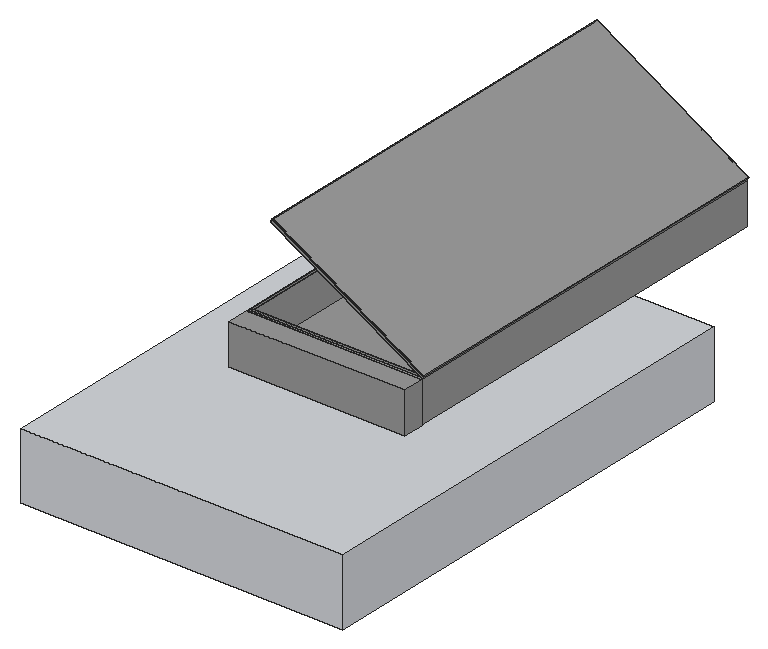
Revit family "Hager-Univers-IP44-D205-H1950-Cl.I-Encl-CH-de", category Equipement électrique, Revit 2020
Family settings
  Hôte = Face
  Configuration du panneau = Deux colonnes, circuits au sein
  Cote de connecteur circulaire = Utiliser le diamètre
  Type d'élément = Tableau de raccordement
  Couper avec des vides une fois chargée = Non
  Partagée = Non
  Point de calcul de pièce = Non
Parameters (values of type "Bodenaufstellung IP44 B800 H1950 T205  - FP23TN2")
  Width Control [instance] = if([EF000008 - Breite] > Min Width, [EF000008 - Breite], Min Width)  # 800 mm
  Commentaires du type = [HG000003 - Bereich]  # "Univers"
  Thickness Door [instance] = if([EF009171 - Materialstärke Tür/Deckel] > 3 mm, 3 mm, [EF009171 - Materialstärke Tür/Deckel])  # 1 mm
  Seal Frame Offset [instance] = 17 mm  # constant formula
  Plinth Visibility [instance] = [HG000027 - Sockelhöhe] > 0 mm  # yes
  Model = ""
  Min Width [instance] = 100 mm  # constant formula
  Min Height [instance] = 100 mm  # constant formula
  Min Depth [instance] = (2 * [EF009170 - Materialstärke Gehäuse]) + 1 mm  # 3 mm
  Internal Frame Depth [instance] = (Door System Depth * 0.5)  # 9 mm
  Height Control [instance] = if([EF000040 - Höhe] > Min Height, [EF000040 - Höhe], Min Height)  # 1950 mm
  HG000027 - Sockelhöhe = 100 mm
  HG000026 - Stehend auf dem Boden = yes
  HG000024 - Höhe des unteren Teils = 800 mm
  HG000023 - Gehäuse mit doppeltem Querschnitt = no
  HG000016 - 3D-Türsichtbarkeit [instance] = yes
  HG000015 - Sichtbarkeit der Türöffnung [instance] = no
  HG000014 - Tür rechts [instance] = yes
  HG000013 - Tür links [instance] = not([HG000014 - Tür rechts])  # no
  HG000012 - Türschwenkwinkel [instance] = 30.00°
  HG000010 - Asymmetrische Türen = no
  HG000009 - Doppelflügeligen Tür = no
  HG000006 - Unterputz = no
  HG000004 - Herstellerreferenz = "FP23TN2"
  HG000003 - Bereich = "Univers"
  HG000002 - Mit tür = yes
  Frame Offset Bottom [instance] = 10 mm  # constant formula
  Frame Offset [instance] = 15 mm  # constant formula
  EF015940 - Deckel mit Überdruckentlastung = no
  EF011959 - Schutzart (NEMA) = ""
  EF009554 - Anzahl der Öffnungen für Flanschplatten = 6
  Fabricant = "Hager"  # constant formula
  EF009212 - Ausführung Deckel = "EV000116 - geschlossen"
  EF009171 - Materialstärke Tür/Deckel = 1 mm
  EF009170 - Materialstärke Gehäuse = 1 mm
  EF008873 - Nennstrom (In) = 400 A
  EF007800 - Geeignet für Blitzschutz = no
  EF006306 - Mit Schloss = no
  EF006244 - Transparenter Deckel/Tür = no
  EF005474 - Schutzart (IP) = "EV006418 - IP44"
  EF004464 - Art der Tür = "EV002646 - Einzel"
  EF004427 - Anzahl der Module = 432
  EF004293 - Schlagfestigkeit = "EV006815 - IK09"
  EF003532 - Geeignet für Außengebrauch = no
  EF002950 - Breite in Teilungseinheiten = 36
  EF001613 - Funktionserhalt = "EV000494 - ohne"
  EF001596 - Werkstoff des Gehäuses = "EV000179 - Stahl"
  EF001131 - Innentiefe = 205 mm
  EF001088 - Anbaumöglichkeit = yes
  EF000437 - Anzahl der Leitungseinführungen = 6
  EF000339 - Art der Abdeckung = "EV001012 - Deckel"
  EF000266 - Anzahl der Reihen = 12
  EF000218 - Einbautiefe = 0 mm
  EF000118 - Mit Montageplatte = no
  EF000116 - RAL-Nummer = "9010"
  EF000049 - Tiefe = 205 mm
  EF000040 - Höhe = 1950 mm
  EF000008 - Breite = 800 mm
  EF000007 - Farbe = "EV000202 - weiß"
  EF000003 - Montageart = "EV012274 - Bodenaufstellung"
  Door System Leaf Tolerance [instance] = 1.5 mm  # constant formula
  Door System Depth [instance] = 18 mm  # constant formula
  Door Height [instance] = Height Control - [HG000027 - Sockelhöhe]  # 1850 mm
  Depth Control [instance] = if([EF000049 - Tiefe] > Min Depth, [EF000049 - Tiefe], Min Depth)  # 205 mm
  Default Elevation = 0 mm
  Connector Offset [instance] = Height Control / 2  # 975 mm
  Bottom Top Plate Trim [instance] = 1.5 mm  # constant formula
  Plinth height Ctrl [instance] = if([HG000027 - Sockelhöhe] > 0 mm, [HG000027 - Sockelhöhe], 12 mm)  # 100 mm
Types (5, lengths in mm): name | Width Control | HG000010 - Asymmetrische Türen | HG000009 - Doppelflügeligen Tür | HG000004 - Herstellerreferenz | EF009554 - Anzahl der Öffnungen für Flanschplatten | EF008873 - Nennstrom (In) | EF004464 - Art der Tür | EF004427 - Anzahl der Module | EF002950 - Breite in Teilungseinheiten | EF000437 - Anzahl der Leitungseinführungen | EF000008 - Breite
  Bodenaufstellung IP44 B1050 H1950 T205  - FP24TN2 | 1050 | no | yes | "FP24TN2" | 8 | 400 A | "EV003602 - Doppel" | 576 | 48 | 8 | 1050
  Bodenaufstellung IP44 B1300 H1950 T205  - FP25TN2 | 1300 | yes | yes | "FP25TN2" | 10 | 400 A | "EV003602 - Doppel" | 720 | 60 | 10 | 1300
  Bodenaufstellung IP44 B300 H1950 T205  - FP21TN2 | 300 | no | no | "FP21TN2" | 2 | 250 A | "EV002646 - Einzel" | 144 | 12 | 2 | 300
  Bodenaufstellung IP44 B550 H1950 T205  - FP22TN2 | 550 | no | no | "FP22TN2" | 4 | 400 A | "EV002646 - Einzel" | 288 | 24 | 4 | 550
  Bodenaufstellung IP44 B800 H1950 T205  - FP23TN2 | 800 | no | no | "FP23TN2" | 6 | 400 A | "EV002646 - Einzel" | 432 | 36 | 6 | 800
Reference planes
  plane 1 "Center (Front/Back)": y = 0
  plane 2: z = 0
  plane 3 "Center (Left/Right)": x = 0
  plane 4: z = 205
  plane 5: y = 101
  plane 6: y = 1025
  plane 7: y = 100
  plane 8: y = 1950
  plane 9: z = 0
  plane 10: x = -385
  plane 11: x = 385
  plane 12: x = 384
  plane 13: x = -384
  plane 14: y = 1949
  plane 15: x = -383
  plane 16: x = -400
  plane 17: x = 383
  plane 18: x = 400
  plane 19: x = 399
  plane 20: x = -399
  plane 21: y = 111
  plane 22: y = 1950
  plane 23: y = 1934
  plane 24: z = 187
  plane 25: z = 1
  plane 26: z = 186
  plane 27: z = 204
Forms (mm)
  Extrusion 1, solid
    sketch origin (0, 0, 0) x (1, 0, 0) y (0, 1, 0)
      loop
        line (-702.964, 1305) -> (-702.964, -811.445) -> (766.763, -811.445) -> (766.763, 1305) -> (-702.964, 1305)
    from 0 to -304.8
  Extrusion 2, solid, material "Hager_Steel_RAL7035_Light_Grey", visible <- "Plinth Visibility", detail levels medium+fine
    sketch origin (0, 0, 0) x (1, 0, 0) y (0, 1, 0)
      loop
        line (-400, 0) -> (400, 0) -> (400, 100) -> (-400, 100) -> (-400, 0)
    from 0 to 187
  Extrusion 3, solid, material "Hager_Steel_RAL7035_Light_Grey", detail levels medium+fine
    sketch origin (0, 0, 0) x (1, 0, 0) y (0, 1, 0)
      loop
        line (-400, 100) -> (400, 100) -> (400, 1950) -> (-400, 1950) -> (-400, 100)
    from 0 to 187
  Extrusion 4, void
    sketch origin (0, 0, 0) x (1, 0, 0) y (0, 1, 0)
      loop
        line (-399, 101) -> (399, 101) -> (399, 1949) -> (-399, 1949) -> (-399, 101)
    from 1 to 186
  Extrusion 5, void
    sketch origin (-381.607, -4572, 187) x (0, -1, 0) y (-1, 0, 0)
      loop
        line (-4683, 2.393) -> (-6506, 2.393) -> (-6506, -765.607) -> (-4683, -765.607) -> (-4683, 2.393)
    from 0 to 1 <- "EF009170 - Materialstärke Gehäuse"
  Extrusion 6, solid, material "Hager_Steel_RAL7035_Light_Grey", detail levels fine
    sketch origin (0, 0, 187) x (1, 0, 0) y (0, 1, 0)
      loop
        line (-384, 1934) -> (-384, 111) -> (384, 111) -> (384, 1934) -> (-384, 1934)
      loop
        line (-385, 110) -> (385, 110) -> (385, 1935) -> (-385, 1935) -> (-385, 110)
    from 0 to 9 <- "Internal Frame Depth"
  Extrusion 7, solid, material "Hager_Steel_RAL7035_Light_Grey", detail levels coarse
    sketch origin (0, 0, 0) x (1, 0, 0) y (0, 1, 0)
      loop
        line (-400, 0) -> (400, 0) -> (400, 1950) -> (-400, 1950) -> (-400, 0)
    from 0 to 205
  Sweep 8, void
    path in 3D
      loop
        line (-400, 100, 0) -> (400, 100, 0) -> (400, 100, 187) -> (-400, 100, 187) -> (-400, 100, 0)
    profile origin (-400, 100, 93.5) x (-1, 0, 0) y (0, -1, 0)
      loop
        line (0, 0) -> (0, 1.5) -> (-1.5, 1.5)
        arc (-1.5, 1.5) -> (-1.061, 0.439) -> (0, 0) r 1.5
Cuts and joins
  Extrusion 4, Extrusion 5 cuts Extrusion 3
  Sweep 8 cuts Extrusion 2
Lines and regions (mm)
  Masking region 1
    outline origin (0, 0, 0) x (1, 0, 0) y (0, 0, 1)
      loop
        line (-400, 205) -> (-400, 0) -> (400, 0) -> (400, 205) -> (-400, 205)
  Masking region 2, detail levels medium+fine
    outline origin (0, 140, 0) x (0, 1, 0) y (0, 0, 1)
      loop
        line (-40, 0) -> (1810, 0) -> (1810, 187) -> (-40, 187) -> (-40, 0)
  Masking region 3, not visible, detail levels medium+fine
    outline origin (0, 297.922, 0) x (0, 1, 0) y (0, 0, 1)
      loop
        line (738.578, 0) -> (778.578, 0) -> (778.578, 194)
        arc (778.578, 194) -> (775.649, 201.071) -> (768.578, 204) r 10
        line (768.578, 204) -> (738.578, 204) -> (738.578, 0)
  Masking region 4, detail levels coarse
    outline origin (0, 0, 180) x (0, 1, 0) y (0, 0, 1)
      loop
        line (0, -180) -> (1950, -180) -> (1950, 25) -> (0, 25) -> (0, -180)
  Masking region 5, visible <- "Plinth Visibility", detail levels medium+fine
    outline origin (0, 52.24, 12.345) x (0, 0, -1) y (0, 1, 0)
      loop
        line (10.845, 47.76) -> (-173.155, 47.76)
        arc (-173.155, 47.76) -> (-173.594, 46.699) -> (-174.655, 46.26) r 1.5
        line (-174.655, 46.26) -> (-174.655, -52.24) -> (12.345, -52.24) -> (12.345, 46.26)
        arc (12.345, 46.26) -> (11.285, 46.699) -> (10.845, 47.76) r 1.5
  Masking region 6, detail levels medium+fine
    outline origin (-381.607, -4572, 187) x (-1, 0, 0) y (0, -1, 0)
      loop
        line (18.393, -6522) -> (18.393, -4672) -> (-781.607, -4672) -> (-781.607, -6522) -> (18.393, -6522)
  Masking region 7, visible <- "Plinth Visibility", detail levels medium+fine
    outline origin (-381.607, -4727, 187) x (-1, 0, 0) y (0, -1, 0)
      loop
        arc (16.893, -4827) -> (17.332, -4825.939) -> (18.393, -4825.5) r 1.5
        line (18.393, -4825.5) -> (18.393, -4727) -> (-781.607, -4727) -> (-781.607, -4825.5)
        arc (-781.607, -4825.5) -> (-780.546, -4825.939) -> (-780.107, -4827) r 1.5
        line (-780.107, -4827) -> (16.893, -4827)
  Masking region 8, detail levels coarse
    outline origin (-442.548, -4669.526, 187) x (-1, 0, 0) y (0, -1, 0)
      loop
        line (-42.548, -6619.526) -> (-42.548, -4669.526) -> (-842.548, -4669.526) -> (-842.548, -6619.526) -> (-42.548, -6619.526)
  sketch lines
    curve 1: line (-400, 100, 187) -> (-400, 100, 0)
    curve 2: line (400, 100, 187) -> (-400, 100, 187)
    curve 3: line (400, 100, 187) -> (400, 100, 0)
    curve 4: line (-400, 100, 0) -> (400, 100, 0)
Dimensions and locks
  "Depth Control": plane 4 to Extrusion 1
  "HG000027 - Sockelhöhe": plane 1 "Center (Front/Back)" to plane 7
  "EF009170 - Materialstärke Gehäuse": plane 5 to plane 7
  locked: connector elem to plane 3 "Center (Left/Right)"
  equal spacing: plane 8, plane 6, plane 7
  locked: connector elem to plane 6
  "EF009170 - Materialstärke Gehäuse": plane 8 to plane 14
  "EF009170 - Materialstärke Gehäuse": plane 10 to plane 13
  "EF009170 - Materialstärke Gehäuse": plane 12 to plane 11
  "Frame Offset": plane 20 to plane 13
  "Frame Offset": plane 12 to plane 19
  "EF009170 - Materialstärke Gehäuse": plane 16 to plane 20
  "EF009170 - Materialstärke Gehäuse": plane 19 to plane 18
  "Seal Frame Offset": plane 16 to plane 15
  "Seal Frame Offset": plane 17 to plane 18
  "Frame Offset Bottom": plane 21 to plane 5
  "Frame Offset": plane 14 to plane 23
  equal spacing: plane 16, plane 3 "Center (Left/Right)", plane 18
  "Width Control": plane 16 to plane 18
  "EF009170 - Materialstärke Gehäuse": plane 4 to plane 27
  "EF009170 - Materialstärke Gehäuse": plane 24 to plane 26
  "EF009170 - Materialstärke Gehäuse": plane 25 to level
  "Door System Depth": plane 4 to plane 24
  "Height Control": plane 1 "Center (Front/Back)" to Extrusion 7 sketch curve
  "Height Control": Masking region 4 sketch curve to plane 1 "Center (Front/Back)"
  "Height Control": plane 1 "Center (Front/Back)" to plane 22
  "Bottom Top Plate Trim": profile plane to Sweep 8 sketch curve
  "Bottom Top Plate Trim": Sweep 8 sketch curve to profile plane
  "Plinth height Ctrl": plane 1 "Center (Front/Back)" to Extrusion 2 sketch curve
  "Plinth height Ctrl": Masking region 5 sketch curve to plane 1 "Center (Front/Back)"
  "Plinth height Ctrl": plane 1 "Center (Front/Back)" to Masking region 7 sketch curve
  "Thickness Door": Extrusion 6 sketch curve to Extrusion 6 sketch curve  (x3)
  "Thickness Door": cut or joined group of Extrusion 3, Extrusion 4, Extrusion 5 to Extrusion 6 sketch curve
  radius of Masking region 3 sketch curve = 10 mm
  "Bottom Top Plate Trim": radius of Masking region 5 sketch curve  (x2)
  "Bottom Top Plate Trim": radius of Sweep 8 sketch curve
  "Bottom Top Plate Trim": radius of Masking region 7 sketch curve  (x2)
  aligned and locked: plane 2 to Extrusion 1
  aligned and locked: level to Extrusion 1
  aligned and locked: level to Masking region 1 sketch curve
  aligned and locked: Masking region 1 sketch curve to plane 18
  aligned and locked: Masking region 1 sketch curve to plane 16
  aligned and locked: plane 7 to Masking region 2 sketch curve
  aligned and locked: level to Masking region 3 sketch curve
  aligned and locked: Masking region 3 sketch curve to plane 27
  aligned and locked: level to Masking region 2 sketch curve
  aligned and locked: plane 1 "Center (Front/Back)" to Extrusion 2 sketch curve
  aligned and locked: Extrusion 3 sketch curve to plane 7
  aligned and locked: plane 16 to Extrusion 3 sketch curve
  aligned and locked: plane 18 to Extrusion 3 sketch curve
  aligned and locked: plane 20 to Extrusion 4 sketch curve
  aligned and locked: plane 19 to Extrusion 4 sketch curve
  aligned and locked: Extrusion 4 sketch curve to plane 5
  aligned and locked: Extrusion 4 to plane 25
  aligned and locked: plane 26 to Extrusion 4
  aligned and locked: plane 24 to Extrusion 3
  aligned and locked: Extrusion 5 sketch curve to plane 21
  aligned and locked: Extrusion 5 sketch curve to plane 13
  aligned and locked: Extrusion 5 sketch curve to plane 12
  aligned and locked: plane 18 to Extrusion 7 sketch curve
  aligned and locked: plane 1 "Center (Front/Back)" to Extrusion 7 sketch curve
  aligned and locked: plane 16 to Extrusion 7 sketch curve
  aligned and locked: plane 4 to Extrusion 7
  aligned and locked: Extrusion 7 to level
  aligned and locked: level to Masking region 4 sketch curve
  aligned and locked: Masking region 4 sketch curve to plane 1 "Center (Front/Back)"
  aligned and locked: Masking region 4 sketch curve to plane 4
  aligned and locked: nested 1 to level
  aligned and locked: nested 1 to plane 16
  aligned and locked: plane 8 to Extrusion 3 sketch curve
  aligned and locked: plane 23 to Extrusion 5 sketch curve
  aligned and locked: plane 14 to Extrusion 4 sketch curve
  aligned and locked: Masking region 2 sketch curve to plane 8
  aligned and locked: level to Masking region 5 sketch curve
  aligned and locked: plane 16 to Extrusion 2 sketch curve
  aligned and locked: plane 18 to Extrusion 2 sketch curve
  aligned and locked: Masking region 5 sketch curve to plane 24
  aligned and locked: Masking region 2 sketch curve to plane 24
  aligned and locked: plane 24 to Extrusion 2
  aligned and locked: profile plane to Sweep 8 sketch curve  (x2)
  aligned and locked: Masking region 6 sketch curve to plane 18
  aligned and locked: Masking region 6 sketch curve to plane 22
  aligned and locked: Masking region 6 sketch curve to plane 16
  aligned and locked: plane 8 to plane 22
  aligned and locked: Masking region 6 sketch curve to plane 7
  aligned and locked: Masking region 7 sketch curve to plane 16
  aligned and locked: Masking region 7 sketch curve to plane 1 "Center (Front/Back)"
  aligned and locked: Masking region 7 sketch curve to plane 18
  aligned and locked: Masking region 8 sketch curve to plane 1 "Center (Front/Back)"
  aligned and locked: Masking region 8 sketch curve to plane 18
  aligned and locked: Masking region 8 sketch curve to plane 22
  aligned and locked: Masking region 8 sketch curve to plane 16
  aligned and locked: nested 2 to plane 7
  aligned and locked: plane 3 "Center (Left/Right)" to nested 2
  aligned and locked: nested 2 to plane 24
  aligned and locked: Extrusion 6 sketch curve to cut or joined group of Extrusion 3, Extrusion 4, Extrusion 5  (x4)
Automatic sketch dimensions
  Extrusion 1 sketch curve to Extrusion 1 sketch curve = 1469.727 mm
  Extrusion 1 sketch curve to Extrusion 1 sketch curve = 2116.445 mm
  Masking region 1 sketch curve to plane 4 = 0 mm
  plane 6 to Masking region 3 sketch curve = 11.5 mm
  Masking region 3 sketch curve to Masking region 3 sketch curve = 30 mm
  Masking region 5 sketch curve to plane 1 "Center (Front/Back)" = 0 mm
Nested families
  nested 1: "Hager_Enclosure_Symbol" at (-400, 0, 0) x (1, 0, 0) z (0, -1, 0), Height <- "Depth Control", Width <- "Width Control", type "Hager_Enclosure_Symbol"
    with Width_Ctrl 800 mm, Width 800 mm, Height_Ctrl 205 mm, Height 205 mm, A_Width_Int 13.453 mm, A_Width 161.438 mm, A_Height_Ctrl 179.375 mm, A_Height 179.375 mm
  nested 2: "EC000058_Univers_Door" at (0, 100, 187) x (1, 0, 0) z (0, 1, 0), Leaf_Tolerance <- "Door System Leaf Tolerance", Angle <- "HG000012 - Türschwenkwinkel", Door_Depth <- "Door System Depth", Door_Left <- "HG000013 - Tür links", Transparent <- "EF006244 - Transparenter Deckel/Tür", Assymetrical <- "HG000010 - Asymmetrische Türen", Width <- "Width Control", Clearance <- "HG000015 - Sichtbarkeit der Türöffnung", Double <- "HG000009 - Doppelflügeligen Tür", 3d_Door <- "HG000016 - 3D-Türsichtbarkeit", Lock_Visibility <- "EF006306 - Mit Schloss", Width_Ctrl <- "Width Control", Door_Right <- "HG000014 - Tür rechts", Door <- "HG000002 - Mit tür", Height <- "Door Height", Thickness <- "Thickness Door", type "EC000058_Univers_Door", detail levels medium+fine
    with min_wh 3 mm, Width_Ctrl 800 mm, Width 800 mm, Transparent no, Thickness 1 mm, Seal_Material Hager_Rubber, Lock_Visibility no, Lock_Material Hager_Plastic_RAL9005_Jet_Black, Leaf_Width 800 mm, Leaf_Tolerance_External_Sides 0 mm, Leaf_Tolerance 1.5 mm, Leaf_Offset 0 mm, Leaf_Height 1847 mm, Leaf_2_Width 800 mm, Leaf_2_Offset 400 mm, Leaf_1_Width 800 mm, Leaf_1_Offset 400 mm, Height_Ctrl 1850 mm, Height 1850 mm, Glass_Material Hager_Glass, Double_Clearance_Ctrl no, Double no, Door_Right_Ctrl yes, Door_Right yes, Door_Material Hager_Steel_RAL7035_Light_Grey, Door_Left_Ctrl no, Door_Left no, Door_Depth 18 mm, Door yes, Clearance_Material Hager_Clearance, Clearance_Depth 800 mm, Clearance_Ctrl no, Clearance no, Assymetrical no, Angle 30.00°, 3d_Door yes
Connectors
  electrical at (0, 1025, 0)
    settings: on plane 9, index 1, voltage 0 V, apparent load 0 VA, apparent load phase1 0 VA, apparent load phase2 0 VA, apparent load phase3 0 VA, power factor 1, load classification "Other", number of poles 1, system type 30, power factor state 1, is connector primary yes, connector utility no, sub classification motor no, connector description ""
Definition of nested family "EC000058_Univers_Door"
  Parameters (values of type "EC000058_Univers_Door")
    min_wh [instance] = (2 * Thickness) + 1 mm  # 11 mm
    Width_Ctrl [instance] = 400 mm
    Width [instance] = 500 mm
    Transparent [instance] = yes
    Thickness [instance] = 5 mm
    Seal_Material [instance] = none
    Lock_Visibility [instance] = yes
    Lock_Material [instance] = none
    Leaf_Width [instance] = if((Width_Ctrl - 2 * Leaf_Tolerance_External_Sides) > 0 mm, (Width_Ctrl - 2 * Leaf_Tolerance_External_Sides), min_wh)  # 400 mm
    Leaf_Tolerance_External_Sides [instance] = 0 mm  # constant formula
    Leaf_Tolerance [instance] = 1.5 mm
    Leaf_Offset [instance] = 0 mm  # constant formula
    Leaf_Height [instance] = if((Height_Ctrl - 2 * Leaf_Tolerance) > 0 mm, (Height_Ctrl - 2 * Leaf_Tolerance), min_wh)  # 497 mm
    Leaf_2_Width [instance] = if(and(and(Double, Assymetrical), Door_Left), (Leaf_Width / 3) - (Leaf_Tolerance / 2), if(and(and(Double, Assymetrical), Door_Right), (Leaf_Width / 3) * 2 - (Leaf_Tolerance / 2), if(and(Double, not(Assymetrical)), (Leaf_Width / 2) - Leaf_Tolerance, Leaf_Width)))  # 400 mm
    Leaf_2_Offset [instance] = if(and(Double, Assymetrical), Leaf_2_Width / 2, if(and(Double, not(Assymetrical)), Leaf_Width / 4, Leaf_Width / 2))  # 200 mm
    Leaf_1_Width [instance] = if(and(and(Double, Assymetrical), Door_Right), (Leaf_Width / 3) - (Leaf_Tolerance / 2), if(and(and(Double, Assymetrical), Door_Left), (Width / 3) * 2 - (Leaf_Tolerance / 2), if(and(Double, not(Assymetrical)), (Leaf_Width / 2) - Leaf_Tolerance, Leaf_Width)))  # 400 mm
    Leaf_1_Offset [instance] = if(and(Double, Assymetrical), Leaf_1_Width / 2, if(and(Double, not(Assymetrical)), Leaf_Width / 4, Leaf_Width / 2))  # 200 mm
    Height_Ctrl [instance] = if(Height > min_wh, Height, min_wh)  # 500 mm
    Height [instance] = 500 mm
    Glass_Material [instance] = none
    Double_Clearance_Ctrl [instance] = and(Double, Clearance)  # no
    Double [instance] = no
    Door_Right_Ctrl [instance] = and(or(Door_Right, Double), Door)  # yes
    Door_Right [instance] = yes
    Door_Material [instance] = none
    Door_Left_Ctrl [instance] = and(or(Door_Left, Double), Door)  # no
    Door_Left [instance] = no
    Door_Depth [instance] = 30 mm
    Door [instance] = yes
    Default Elevation = 1219.2 mm
    Clearance_Material [instance] = none
    Clearance_Depth [instance] = if(Leaf_1_Width > Leaf_2_Width, Leaf_1_Width, Leaf_2_Width)  # 400 mm
    Clearance_Ctrl [instance] = and(not(Double), Clearance)  # yes
    Clearance [instance] = yes
    Assymetrical [instance] = yes
    Angle [instance] = 30.00°
    3d_Door [instance] = yes
  Reference planes
    plane 1 "Center (Front/Back)": y = 0
    plane 2 "Bottom": z = 0
    plane 3 "Center (Left/Right)": x = 0
    plane 4: z = 500
    plane 5: x = -200
    plane 6: x = 200
    plane 7: z = 500
    plane 8: x = -200
    plane 9: z = 0
    plane 10: x = 200
    plane 11: y = 0
    plane 12: z = 1.5
    plane 13: x = -600
    plane 14: y = -400
    plane 15: x = 600
    plane 16: x = 0
    plane 17: x = 0
    plane 18: x = -200
    plane 19: x = 200
    plane 20: z = 498.5
  Forms (mm)
    Extrusion 1, solid, material <- "Clearance_Material", visible <- "Double_Clearance_Ctrl"
      sketch origin (1200, 0, 0) x (1, 0, 0) y (0, 0, -1)
        loop
          line (-1800, -498.5) -> (-600, -498.5) -> (-600, 0) -> (-1800, 0) -> (-1800, -498.5)
      from 0 to -400
  Dimensions and locks
    equal spacing: plane 5, plane 3 "Center (Left/Right)", plane 6
    "Width_Ctrl": plane 5 to plane 6
    "Leaf_Offset": plane 5 to plane 8
    "Leaf_Offset": plane 6 to plane 10
    "Leaf_Offset": plane 9 to level
    "Leaf_Offset": plane 4 to plane 7
    "Height_Ctrl": plane 4 to level
    "Leaf_Tolerance": plane 12 to plane 9
    locked: plane 11 to plane 1 "Center (Front/Back)"
    "Leaf_1_Offset": plane 18 to plane 16
    "Leaf_2_Offset": plane 17 to plane 19
    "Leaf_1_Width": plane 13 to plane 8
    "Leaf_2_Width": plane 10 to plane 15
    "Clearance_Depth": plane 14 to plane 1 "Center (Front/Back)"
    "Leaf_Tolerance_External_Sides": plane 8 to plane 18
    "Leaf_Tolerance_External_Sides": plane 19 to plane 10
    "Leaf_Tolerance": plane 7 to plane 20
    aligned and locked: level to plane 2 "Bottom"
    aligned and locked: nested 1 to plane 16
    aligned and locked: nested 2 to plane 17
    aligned and locked: Extrusion 1 to plane 13
    aligned and locked: plane 15 to Extrusion 1
    aligned and locked: Extrusion 1 to plane 14
    aligned and locked: plane 12 to nested 1
    aligned and locked: nested 2 to plane 12
    aligned and locked: Extrusion 1 to plane 11
    aligned and locked: plane 20 to Extrusion 1
    aligned and locked: nested 2 to plane 11
    aligned and locked: nested 1 to plane 11
  Automatic sketch dimensions
    Extrusion 1 sketch curve to level = 0 mm
    plane 5 to Extrusion 1 sketch curve = 400 mm
    plane 6 to Extrusion 1 sketch curve = 400 mm
    Extrusion 1 sketch curve to plane 4 = 1.5 mm
  Nested families
    nested 1: "EC000058_Univers_Door_Leaf" at (0, 0, 1.5), Width <- "Leaf_1_Width", visible <- "Door_Left_Ctrl", Leaf_Height <- "Leaf_Height", Angle <- "Angle", 3d_Door <- "3d_Door", Transparent <- "Transparent", Clearance Material <- "Clearance_Material", Clearance <- "Clearance_Ctrl", Door_Material <- "Door_Material", Glass_Material <- "Glass_Material", Door_Depth <- "Door_Depth", Lock_Material <- "Lock_Material", Seal_Material <- "Seal_Material", Lock_Visibility <- "Lock_Visibility", Thickness <- "Thickness", type "EC000058_Univers_Door_Leaf"
      with Width 400 mm, Transparent_Glass_Offset 30 mm, Transparent_Ctrl yes, Transparent yes, Thickness 5 mm, Standard no, Seal_Material none, Seal_D2 8 mm, Seal_D1 1 mm, Offset_Internal_Frame 10 mm, Lock_Width 20 mm, Lock_Visibility_3d yes, Lock_Visibility yes, Lock_Thickness_3 3 mm, Lock_Thickness_2 1 mm, Lock_Thickness_1 3 mm, Lock_Radius_Offset_2 16 mm, Lock_Radius_Offset_1 15 mm, Lock_Radius_2 5 mm, Lock_Radius 6 mm, Lock_Offset 5 mm, Lock_Material none, Lock_Height 80 mm, Lock_Cover_Top_Offset_2d 17 mm, Lock_Cover_Height -65 mm, Leaf_Height 497 mm, Internal_Seal_Thickness 8 mm, Internal_Seal_Depth_2 4.5 mm, Internal_Frame_Depth 25 mm, Glass_Thickness -1 mm, Glass_Offset -2 mm, Glass_Material none, Door_Material none, Door_Depth 30 mm, Clearance Material none, Clearance yes, Angle_Ctrl 30.00°, Angle 30.00°, 3d_Door yes
    nested 2: "EC000058_Univers_Door_Leaf" at (0, 0, 1.5) x (-1, 0, 0) z (0, 0, 1), Width <- "Leaf_2_Width", visible <- "Door_Right_Ctrl", Leaf_Height <- "Leaf_Height", Angle <- "Angle", 3d_Door <- "3d_Door", Transparent <- "Transparent", Clearance Material <- "Clearance_Material", Clearance <- "Clearance_Ctrl", Door_Material <- "Door_Material", Glass_Material <- "Glass_Material", Door_Depth <- "Door_Depth", Lock_Material <- "Lock_Material", Seal_Material <- "Seal_Material", Lock_Visibility <- "Lock_Visibility", Thickness <- "Thickness", type "EC000058_Univers_Door_Leaf"
      with Width 400 mm, Transparent_Glass_Offset 30 mm, Transparent_Ctrl yes, Transparent yes, Thickness 5 mm, Standard no, Seal_Material none, Seal_D2 8 mm, Seal_D1 1 mm, Offset_Internal_Frame 10 mm, Lock_Width 20 mm, Lock_Visibility_3d yes, Lock_Visibility yes, Lock_Thickness_3 3 mm, Lock_Thickness_2 1 mm, Lock_Thickness_1 3 mm, Lock_Radius_Offset_2 16 mm, Lock_Radius_Offset_1 15 mm, Lock_Radius_2 5 mm, Lock_Radius 6 mm, Lock_Offset 5 mm, Lock_Material none, Lock_Height 80 mm, Lock_Cover_Top_Offset_2d 17 mm, Lock_Cover_Height -65 mm, Leaf_Height 497 mm, Internal_Seal_Thickness 8 mm, Internal_Seal_Depth_2 4.5 mm, Internal_Frame_Depth 25 mm, Glass_Thickness -1 mm, Glass_Offset -2 mm, Glass_Material none, Door_Material none, Door_Depth 30 mm, Clearance Material none, Clearance yes, Angle_Ctrl 30.00°, Angle 30.00°, 3d_Door yes
  Definition of nested family "EC000058_Univers_Door_Leaf"
    Parameters (values of type "EC000058_Univers_Door_Leaf")
      Width [instance] = 2000 mm
      Transparent_Glass_Offset [instance] = 30 mm
      Transparent_Ctrl [instance] = and(Transparent, [3d_Door])  # yes
      Transparent [instance] = yes
      Thickness [instance] = 5 mm
      Standard [instance] = and(not(Transparent), [3d_Door])  # no
      Seal_Material [instance] = none
      Seal_D2 [instance] = 8 mm  # constant formula
      Seal_D1 [instance] = 1 mm  # constant formula
      Offset_Internal_Frame [instance] = 10 mm  # constant formula
      Lock_Width [instance] = 20 mm  # constant formula
      Lock_Visibility_3d [instance] = and(Lock_Visibility, [3d_Door])  # yes
      Lock_Visibility [instance] = yes
      Lock_Thickness_3 [instance] = 3 mm  # constant formula
      Lock_Thickness_2 [instance] = 1 mm  # constant formula
      Lock_Thickness_1 [instance] = 3 mm  # constant formula
      Lock_Radius_Offset_2 [instance] = Lock_Radius_Offset_1 + 1 mm  # 16 mm
      Lock_Radius_Offset_1 [instance] = 15 mm  # constant formula
      Lock_Radius_2 [instance] = Lock_Radius - 1 mm  # 5 mm
      Lock_Radius [instance] = 6 mm  # constant formula
      Lock_Offset [instance] = 5 mm  # constant formula
      Lock_Material [instance] = none
      Lock_Height [instance] = 80 mm  # constant formula
      Lock_Cover_Top_Offset_2d [instance] = Lock_Radius_Offset_2 + 1 mm  # 17 mm
      Lock_Cover_Height [instance] = -(Lock_Height - Lock_Radius_Offset_1)  # -65 mm
      Leaf_Height [instance] = 2720.336 mm
      Internal_Seal_Thickness [instance] = 8 mm  # constant formula
      Internal_Seal_Depth_2 [instance] = 4.5 mm  # constant formula
      Internal_Frame_Depth [instance] = if(Door_Depth - Thickness > 5 mm, Door_Depth - Thickness, 5 mm)  # 25 mm
      Glass_Thickness [instance] = if(Thickness > 15 mm, Glass_Offset + 10 mm, -1 mm)  # -1 mm
      Glass_Offset [instance] = if(Thickness > 15 mm, -(Thickness + 10 mm) / 2, -2 mm)  # -2 mm
      Glass_Material [instance] = none
      Door_Material [instance] = none
      Door_Depth [instance] = 30 mm
      Default Elevation = 0 mm
      Clearance Material [instance] = none
      Clearance [instance] = yes
      Angle_Ctrl [instance] = if(Angle > 180.00°, 180.00°, Angle)  # 90.00°
      Angle [instance] = 90.00°
      3d_Door [instance] = yes
    Reference planes
      plane 1 "Center (Front/Back)": y = 0
      plane 2: z = 0
      plane 3 "Center (Left/Right)": x = 0
      plane 4: y = 2000
      plane 5: x = -1000
      plane 6: x = 1000
      plane 7: x = -3000
      plane 8: z = 2720.336
      plane 9: z = 30
      plane 10: z = 2690.336
      plane 11: x = 970
      plane 12: x = -970
      plane 13: y = -3
      plane 14: z = 107.833
      plane 15: y = -5
      plane 16: y = -223.314
      plane 17: x = -1000
      plane 18: z = 1360.168
      plane 19: y = 30
    Forms (mm)
      Extrusion 1, solid, material <- "Clearance Material", visible <- "Clearance"
        sketch origin (0, 0, 0) x (1, 0, 0) y (0, 0, 1)
          loop
            line (-3000, 2720.336) -> (-3000, 0) -> (1000, 0) -> (1000, 2720.336) -> (-3000, 2720.336)
        from 0 to -2000
      Extrusion 2, solid, material <- "Door_Material", visible <- "Standard", detail levels medium+fine
        sketch origin (-1000, 0, 0) x (0, 1, 0) y (-1, 0, 0)
          loop
            line (0, 30) -> (0, 25) -> (2000, 25) -> (2000, 30) -> (0, 30)
        from 0 to 2720.336 <- "Leaf_Height"
      Extrusion 3, solid, material <- "Door_Material", visible <- "Transparent_Ctrl", detail levels medium+fine
        sketch origin (-1000, 0, 0) x (0, 1, 0) y (-1, 0, 0)
          loop
            line (0, 25) -> (2000, 25) -> (2000, 30) -> (0, 30) -> (0, 25)
        from 0 to 2720.336 <- "Leaf_Height"
      Extrusion 4, void
        sketch origin (-1025, 2000, 0) x (0, 1, 0) y (0, 0, -1)
          loop
            line (-30, -2690.336) -> (-30, -30) -> (-1970, -30) -> (-1970, -2690.336) -> (-30, -2690.336)
        from 0 to 5 <- "Thickness"
      Sweep 5, solid, material <- "Seal_Material", visible <- "Transparent_Ctrl", detail levels fine
        path in 3D
          loop
            line (-1025, 30, 30) -> (-1025, 30, 2690.336) -> (-1025, 1970, 2690.336) -> (-1025, 1970, 30) -> (-1025, 30, 30)
        profile origin (-1025, 1000, 30) x (1, 0, 0) y (0, 0, 1)
          loop
            line (0, 0) -> (0, -8) -> (1, -8) -> (1, 0) -> (0, 0)
      Extrusion 6, solid, material <- "Glass_Material", visible <- "Transparent_Ctrl", detail levels medium+fine
        sketch origin (-1030, 0, 0) x (0, 1, 0) y (0, 0, -1)
          loop
            line (1970, -2690.336) -> (1970, -30) -> (30, -30) -> (30, -2690.336) -> (1970, -2690.336)
        from -2 <- "Glass_Offset" to -1 <- "Glass_Thickness"
      Extrusion 7, solid, material <- "Door_Material", visible <- "3d_Door", detail levels medium+fine
        sketch origin (-1025, 2000, 0) x (0, -1, 0) y (0, 0, -1)
          loop
            line (0, -2720.336) -> (2000, -2720.336) -> (2000, 0) -> (0, 0) -> (0, -2720.336)
          loop
            line (1995, -5) -> (5, -5) -> (5, -2715.336) -> (1995, -2715.336) -> (1995, -5)
        from 0 to 25 <- "Internal_Frame_Depth"
      Sweep 8, solid, material <- "Seal_Material", visible <- "Transparent_Ctrl", detail levels fine
        path in 3D
          loop
            line (-1025, 0, 0) -> (-1025, 2000, 0) -> (-1025, 2000, 2720.336) -> (-1025, 0, 2720.336) -> (-1025, 0, 0)
        profile origin (-1025, 0, 1360.168) x (1, 0, 0) y (0, 1, 0)
          loop
            line (0, 10) -> (2.975, 10)
            arc (2.975, 10) -> (4.053, 10.447) -> (4.5, 11.525) r 1.525
            line (4.5, 11.525) -> (4.5, 16.527)
            arc (4.5, 16.527) -> (4.069, 17.569) -> (3.027, 18) r 1.473
            line (3.027, 18) -> (0, 18) -> (0, 10)
      Extrusion 9, solid, material <- "Lock_Material", visible <- "Lock_Visibility_3d", detail levels fine
        sketch origin (-1030, 0, 0) x (0, 1, 0) y (0, 0, -1)
          loop
            arc (1993.5, -1400.168) -> (1994.561, -1399.729) -> (1995, -1398.668) r 1.5
            line (1995, -1398.668) -> (1995, -1320.168) -> (1975, -1320.168) -> (1975, -1398.668)
            arc (1975, -1398.668) -> (1975.439, -1399.729) -> (1976.5, -1400.168) r 1.5
            line (1976.5, -1400.168) -> (1993.5, -1400.168)
        from 3 <- "Lock_Thickness_1" to 0
      Blend 10, solid, material <- "Lock_Material", visible <- "Lock_Visibility_3d", detail levels fine
        base sketch origin (-1033, 0, 0) x (0, 1, 0) y (0, 0, -1)
          loop
            line (1975, -1320.168) -> (1975, -1398.668)
            arc (1975, -1398.668) -> (1975.439, -1399.729) -> (1976.5, -1400.168) r 1.5
            line (1976.5, -1400.168) -> (1993.5, -1400.168)
            arc (1993.5, -1400.168) -> (1994.561, -1399.729) -> (1995, -1398.668) r 1.5
            line (1995, -1398.668) -> (1995, -1320.168) -> (1975, -1320.168)
        top sketch origin (-1033, 0, 0) x (0, 1, 0) y (0, 0, -1)
          loop
            line (1976, -1320.168) -> (1976, -1398.668)
            arc (1976, -1398.668) -> (1976.146, -1399.022) -> (1976.5, -1399.168) r 0.5
            line (1976.5, -1399.168) -> (1993.5, -1399.168)
            arc (1993.5, -1399.168) -> (1993.854, -1399.022) -> (1994, -1398.668) r 0.5
            line (1994, -1398.668) -> (1994, -1320.168) -> (1976, -1320.168)
        from 0 to 1 <- "Lock_Thickness_2"
      Blend 11, solid, material <- "Lock_Material", visible <- "Lock_Visibility_3d", detail levels fine
        base sketch origin (-1034, 0, 0) x (0, 1, 0) y (0, 0, -1)
          loop
            line (1978, -1320.168) -> (1978, -1384.168)
            arc (1978, -1384.168) -> (1985, -1391.168) -> (1992, -1384.168) r 7
            line (1992, -1384.168) -> (1992, -1320.168) -> (1978, -1320.168)
        top sketch origin (-1034, 0, 0) x (0, 1, 0) y (0, 0, -1)
          loop
            line (1991, -1320.168) -> (1979, -1320.168) -> (1979, -1383.168)
            arc (1979, -1383.168) -> (1985, -1389.168) -> (1991, -1383.168) r 6
            line (1991, -1383.168) -> (1991, -1320.168)
        from 0 to 3 <- "Lock_Thickness_3"
      Extrusion 12, solid, material <- "Lock_Material", visible <- "Lock_Visibility_3d", detail levels fine
        sketch origin (-1030, 1975, 1320.168) x (1, 0, 0) y (0, -1, 0)
          loop
            line (-7, -19) -> (-7, -1) -> (0, -1) -> (0, 0) -> (-8, 0) -> (-8, -20) -> (0, -20) -> (0, -19) -> (-7, -19)
        from 0 to -65 <- "Lock_Cover_Height"
      Extrusion 13, void
        sketch origin (-1038, 1995, 1320.168) x (-1, 0, 0) y (0, 0, -1)
          loop
            line (-5, -65) -> (0, -65) -> (-5, -60) -> (-5, -65)
        from 0 to 20 <- "Lock_Width"
      Extrusion 14, void
        sketch origin (-1038, 1975, 1320.168) x (0, -1, 0) y (0, 0, -1)
          loop
            circle (-10, -15.995) r 6
          loop
            circle (-10, -15.995) r 5
        from 0 to 2
      Extrusion 15, solid, material <- "Lock_Material", visible <- "Lock_Visibility_3d", detail levels medium
        sketch origin (-1030, 0, 0) x (0, 1, 0) y (0, 0, -1)
          loop
            arc (1993.5, -1400.168) -> (1994.561, -1399.729) -> (1995, -1398.668) r 1.5
            line (1995, -1398.668) -> (1995, -1320.168) -> (1975, -1320.168) -> (1975, -1398.668)
            arc (1975, -1398.668) -> (1975.439, -1399.729) -> (1976.5, -1400.168) r 1.5
            line (1976.5, -1400.168) -> (1993.5, -1400.168)
        from 8 to 0
    Cuts and joins
      Extrusion 4 cuts Extrusion 3
      Extrusion 13, Extrusion 14 cuts Extrusion 9
      Extrusion 14 cuts Blend 11
      Extrusion 13, Extrusion 14 cuts Extrusion 12
      joined: Extrusion 9, Blend 10, Blend 11, Extrusion 12
      Extrusion 14 cuts Extrusion 15
    Lines and regions (mm)
      Masking region 1, visible <- "Lock_Visibility", detail levels fine
        outline origin (0, 0, 0) x (0, 1, 0) y (0, 0, 1)
          loop
            line (30, 1320.168) -> (33, 1320.168) -> (33, 1400.168) -> (30, 1400.168) -> (30, 1320.168)
      Masking region 2, visible <- "Lock_Visibility", detail levels fine
        outline origin (0, 3.143, 0) x (0, 1, 0) y (0, 0, 1)
          loop
            line (29.857, 1354.168) -> (30.857, 1354.168) -> (30.857, 1366.168) -> (29.857, 1366.168) -> (29.857, 1354.168)
      Masking region 3, detail levels medium+fine
        outline origin (0, 0, 0) x (0, 1, 0) y (0, 0, 1)
          loop
            line (0, 0) -> (30, 0) -> (30, 2720.336) -> (0, 2720.336) -> (0, 0)
      Masking region 4, detail levels medium+fine
        outline origin (0, 0, 0) x (1, 0, 0) y (0, 0, 1)
          loop
            line (-1000, 2720.336) -> (-1000, 0) -> (1000, 0) -> (1000, 2720.336) -> (-1000, 2720.336)
      Masking region 5, visible <- "Lock_Visibility", detail levels fine
        outline origin (-47.116, 0, 0) x (1, 0, 0) y (0, 0, 1)
          loop
            arc (1024.616, 1399.168) -> (1023.556, 1398.729) -> (1023.116, 1397.668) r 1.5
            line (1023.116, 1397.668) -> (1023.116, 1320.168) -> (1041.116, 1320.168) -> (1041.116, 1397.668)
            arc (1041.116, 1397.668) -> (1040.677, 1398.729) -> (1039.616, 1399.168) r 1.5
            line (1039.616, 1399.168) -> (1024.616, 1399.168)
      Masking region 6, visible <- "Lock_Visibility", detail levels medium+fine
        outline origin (-25, 0, 0) x (1, 0, 0) y (0, 0, 1)
          loop
            arc (1001.5, 1400.168) -> (1000.439, 1399.729) -> (1000, 1398.668) r 1.5
            line (1000, 1398.668) -> (1000, 1320.168) -> (1020, 1320.168) -> (1020, 1398.668)
            arc (1020, 1398.668) -> (1019.561, 1399.729) -> (1018.5, 1400.168) r 1.5
            line (1018.5, 1400.168) -> (1001.5, 1400.168)
      Masking region 7, visible <- "Lock_Visibility", detail levels fine
        outline origin (-73.735, 0, 0) x (1, 0, 0) y (0, 0, 1)
          loop
            line (1051.735, 1382.168) -> (1065.735, 1382.168) -> (1065.735, 1384.168)
            arc (1065.735, 1384.168) -> (1058.735, 1391.168) -> (1051.735, 1384.168) r 7
            line (1051.735, 1384.168) -> (1051.735, 1382.168)
      Masking region 8, visible <- "Lock_Visibility", detail levels fine
        outline origin (-73.735, 0, 0) x (1, 0, 0) y (0, 0, 1)
          loop
            line (1052.735, 1382.168) -> (1064.735, 1382.168) -> (1064.735, 1383.168)
            arc (1064.735, 1383.168) -> (1058.735, 1389.168) -> (1052.735, 1383.168) r 6
            line (1052.735, 1383.168) -> (1052.735, 1382.168)
      Masking region 9, visible <- "Lock_Visibility", detail levels fine
        outline origin (-25, 0, 0) x (1, 0, 0) y (0, 0, 1)
          loop
            line (1020, 1320.168) -> (1020, 1382.168) -> (1000, 1382.168) -> (1000, 1320.168) -> (1020, 1320.168)
      Masking region 10, detail levels medium+fine
        outline origin (0, 0, 0) x (1, 0, 0) y (0, 0, 1)
          loop
            circle (985, 1335.144) r 6
      Masking region 11, detail levels fine
        outline origin (0, 0, 0) x (1, 0, 0) y (0, 0, 1)
          loop
            circle (985, 1335.144) r 5
      Masking region 12, visible <- "Lock_Visibility", detail levels fine
        outline origin (0, 12.767, 0) x (0, 1, 0) y (0, 0, 1)
          loop
            line (20.233, 1320.168) -> (21.233, 1320.168) -> (21.233, 1399.168) -> (20.233, 1400.168) -> (20.233, 1320.168)
      Masking region 13, visible <- "Lock_Visibility", detail levels fine
        outline origin (0, 13.767, -10) x (0, 1, 0) y (0, 0, 1)
          loop
            line (20.233, 1330.168) -> (23.233, 1330.168) -> (23.233, 1399.168) -> (20.233, 1402.168) -> (20.233, 1330.168)
      Masking region 14, visible <- "Lock_Visibility", detail levels fine
        outline origin (0, 12.767, -10) x (0, 1, 0) y (0, 0, 1)
          loop
            line (20.233, 1330.168) -> (25.233, 1330.168) -> (25.233, 1399.305) -> (20.233, 1394.305) -> (20.233, 1330.168)
      Masking region 15, visible <- "Lock_Visibility", detail levels medium
        outline origin (0, 0, 0) x (0, 1, 0) y (0, 0, 1)
          loop
            line (30, 1320.168) -> (38, 1320.168) -> (38, 1400.168) -> (30, 1400.168) -> (30, 1320.168)
      Masking region 16, visible <- "Lock_Visibility", detail levels fine
        outline origin (-1000, 0, 0) x (0, 1, 0) y (-1, 0, 0)
          loop
            line (1975, 30) -> (1995, 30) -> (1995, 38) -> (1975, 38) -> (1975, 30)
          loop
            line (1979, 37) -> (1976, 37) -> (1976, 34) -> (1978, 34) -> (1979, 37)
          loop
            line (1994, 37) -> (1991, 37) -> (1992, 34) -> (1994, 34) -> (1994, 37)
      Masking region 17, visible <- "Lock_Visibility", detail levels medium
        outline origin (-1000, 0, 0) x (0, 1, 0) y (-1, 0, 0)
          loop
            line (1975, 30) -> (1995, 30) -> (1995, 38) -> (1975, 38) -> (1975, 30)
      symbolic lines
        curve 1: line (1000, 0, 0) -> (-3000, 0, 0)
        curve 2: arc (1000, 0, 0) -> (-1000, 2000, 0) -> (-3000, 0, 0) r 2000
        curve 4: line (-1030, 0, 0) -> (-1030, 2000, 0)
      reference lines
        curve 3: line (-1000, 0, 0) -> (-1000, 2000, 0)
      symbolic lines, detail levels medium+fine
        curve 5: line (-1030, 2000, 0) -> (-1025, 2000, 0)
        curve 7: line (-1025, 0, 0) -> (-1030, 0, 0)
        curve 8: line (-1025, 0, 0) -> (-1000, 0, 0)
        curve 9: line (-1000, 0, 0) -> (-1000, 2000, 0)
        curve 10: line (-1000, 2000, 0) -> (-1025, 2000, 0)
      symbolic lines, detail levels fine
        curve 6: line (-1025, 2000, 0) -> (-1025, 0, 0)
      sketch lines
        curve 11: line (-1025, 0, 2720.336) -> (-1025, 0, 0)
        curve 12: line (-1025, 2000, 0) -> (-1025, 0, 0)
        curve 13: line (-1025, 2000, 2720.336) -> (-1025, 2000, 0)
        curve 14: line (-1025, 0, 2720.336) -> (-1025, 2000, 2720.336)
        curve 15: line (-1025, 1970, 30) -> (-1025, 30, 30)
        curve 16: line (-1025, 30, 30) -> (-1025, 30, 2690.336)
        curve 17: line (-1025, 1970, 2690.336) -> (-1025, 1970, 30)
        curve 18: line (-1025, 30, 2690.336) -> (-1025, 1970, 2690.336)
      symbolic lines, visible <- "Transparent", detail levels medium+fine
        curve 19: line (-970, 0, 2690.336) -> (970, 0, 2690.336)
        curve 20: line (-970, 0, 30) -> (-970, 0, 2690.336)
        curve 21: line (970, 0, 30) -> (-970, 0, 30)
        curve 22: line (970, 0, 2690.336) -> (970, 0, 30)
    Dimensions and locks
      "Width": plane 1 "Center (Front/Back)" to plane 4
      equal spacing: plane 5, plane 3 "Center (Left/Right)", plane 6
      "Width": plane 5 to plane 6
      "Width": plane 7 to plane 5
      "Leaf_Height": plane 8 to level
      "Width": curve 5 to curve 3
      "Width": curve 3 to curve 3
      plane 8 to plane 10 = 30 mm
      plane 9 to level = 30 mm
      plane 12 to plane 5 = 30 mm
      plane 6 to plane 11 = 30 mm
      Extrusion 1 to Extrusion 4 sketch curve = 30 mm
      "Transparent_Glass_Offset": curve 3 to Extrusion 4 sketch curve
      "Transparent_Glass_Offset": Extrusion 4 sketch curve to cut or joined group of Extrusion 3, Extrusion 4  (x2)
      cut or joined group of Extrusion 3, Extrusion 4 to Extrusion 6 sketch curve = 30 mm
      "Transparent_Glass_Offset": cut or joined group of Extrusion 3, Extrusion 4 to Extrusion 4 sketch curve
      "Thickness": curve 6 to curve 4
      "Thickness": Extrusion 7 sketch curve to Extrusion 7 sketch curve  (x4)
      "Door_Depth": curve 4 to curve 3
      "Offset_Internal_Frame": profile plane to Sweep 8 sketch curve
      "Internal_Seal_Thickness": Sweep 8 sketch curve to Sweep 8 sketch curve
      "Internal_Seal_Depth_2": profile plane to Sweep 8 sketch curve
      "Seal_D1": profile plane to Sweep 5 sketch curve
      "Seal_D2": profile plane to Sweep 5 sketch curve
      "Thickness": Extrusion 2 sketch curve to Extrusion 2 sketch curve
      equal spacing: Extrusion 9 sketch curve, plane 18, Extrusion 9 sketch curve  (x2)
      equal spacing: Masking region 1 sketch curve, plane 18, Masking region 1 sketch curve
      "Lock_Height": Masking region 1 sketch curve to Masking region 1 sketch curve
      "Lock_Radius": Masking region 2 sketch curve to plane 18 to Masking region 2 sketch curve
      Masking region 2 sketch curve to Masking region 1 = 1 mm
      "Door_Depth": plane 19 to plane 1 "Center (Front/Back)"
      "Lock_Thickness_1": Masking region 1 sketch curve to plane 19
      "Lock_Width": Extrusion 9 sketch curve to Extrusion 9 sketch curve
      "Lock_Height": Extrusion 9 sketch curve to Extrusion 9 sketch curve
      "Lock_Offset": cut or joined group of Extrusion 3, Extrusion 4 to Extrusion 9 sketch curve
      equal spacing: plane 8, plane 18, level
      "Lock_Radius_Offset_1": Blend 11 sketch curve to Blend 10
      locked: Blend 10 to Blend 11 sketch curve at 2  (x2)
      locked: var sketch to Blend 11 sketch curve at 1  (x2)
      "Lock_Radius_Offset_2": Blend 11 sketch curve to Blend 10
      locked: Extrusion 12 sketch curve to Extrusion 12 sketch curve at 1  (x3)
      Masking region 6 sketch curve to Masking region 6 sketch curve = 80 mm
      "Lock_Height": Masking region 6 sketch curve to Masking region 6 sketch curve
      "Lock_Width": Masking region 6 sketch curve to Masking region 6 sketch curve
      locked: Masking region 6 to Masking region 5 sketch curve at 1  (x3)
      locked: Masking region 5 to Masking region 7 sketch curve at 2  (x2)
      "Lock_Radius_Offset_1": Masking region 5 to Masking region 7 sketch curve
      "Lock_Radius_Offset_2": Masking region 5 to Masking region 8 sketch curve
      locked: Masking region 7 to Masking region 8 sketch curve at 1  (x2)
      "Lock_Cover_Top_Offset_2d": Masking region 5 to Masking region 9 sketch curve
      equal spacing: Masking region 9, Masking region 10 sketch curve, Masking region 9
      equal spacing: Masking region 9, Masking region 11 sketch curve, Masking region 9
      Extrusion 15 sketch curve to Extrusion 15 sketch curve = 80 mm
      "Lock_Width": Extrusion 15 sketch curve to Extrusion 15 sketch curve
      "Lock_Height": Extrusion 15 sketch curve to Extrusion 15 sketch curve
      equal spacing: Extrusion 15 sketch curve, plane 18, Extrusion 15 sketch curve
      "Lock_Thickness_3": Masking region 13 sketch curve to Masking region 13 sketch curve
      "Lock_Height": Masking region 12 sketch curve to Masking region 12 sketch curve
      locked: Masking region 13 sketch curve to Masking region 1 at 8
      locked: Masking region 14 sketch curve to Masking region 13 at 1
      locked: Masking region 14 sketch curve to Masking region 1 at 10.863
      "Lock_Height": Masking region 15 sketch curve to Masking region 15 sketch curve
      "Lock_Offset": Extrusion 15 sketch curve to cut or joined group of Extrusion 3, Extrusion 4
      "Lock_Offset": plane 6 to Masking region 6 sketch curve
      radius of Sweep 8 sketch curve = 1.525 mm
      radius of Sweep 8 sketch curve = 1.473 mm
      radius of Extrusion 9 sketch curve = 1.5 mm  (x2)
      "Lock_Radius": radius of Extrusion 14 sketch curve
      "Lock_Radius_2": radius of Extrusion 14 sketch curve
      "Lock_Radius": radius of Masking region 10 sketch curve
      "Lock_Radius_2": radius of Masking region 11 sketch curve
      radius of Extrusion 15 sketch curve = 1.5 mm  (x2)
      "Angle_Ctrl": angle plane 1 "Center (Front/Back)" to curve 3
      locked: Masking region 12 sketch curve to Masking region 12 sketch curve (angle 45.00°)
      locked: Masking region 13 sketch curve to Masking region 13 sketch curve (angle 45.00°)
      locked: Masking region 14 sketch curve to Masking region 14 sketch curve (angle 45.00°)
      aligned and locked: level to plane 2
      aligned and locked: Extrusion 1 to curve 1
      aligned and locked: plane 6 to Extrusion 1
      aligned and locked: Extrusion 1 to plane 1 "Center (Front/Back)"
      aligned and locked: plane 4 to Extrusion 1
      aligned and locked: plane 8 to Extrusion 1
      aligned and locked: curve 7 to Extrusion 2 sketch curve
      aligned and locked: curve 5 to Extrusion 2 sketch curve
      aligned and locked: curve 7 to Extrusion 3 sketch curve
      aligned and locked: Extrusion 3 sketch curve to curve 4
      aligned and locked: Extrusion 3 sketch curve to curve 6
      aligned and locked: Extrusion 3 sketch curve to curve 5
      aligned and locked: curve 9 to curve 3
      aligned and locked: Extrusion 7 sketch curve to cut or joined group of Extrusion 3, Extrusion 4  (x4)
      aligned and locked: plane 17 to curve 3
      aligned and locked: plane 1 "Center (Front/Back)" to curve 3
      aligned and locked: plane 17 to plane 5
      aligned and locked: Sweep 8 sketch curve to profile plane
      aligned and locked: Sweep 5 sketch curve to profile plane  (x2)
      aligned and locked: Masking region 1 to Masking region 2 sketch curve
      aligned and locked: plane 19 to Masking region 1 sketch curve
      aligned and locked: plane 1 "Center (Front/Back)" to Masking region 3 sketch curve
      aligned and locked: plane 19 to Masking region 3 sketch curve
      aligned and locked: level to Masking region 3 sketch curve
      aligned and locked: Masking region 3 sketch curve to plane 8
      aligned and locked: plane 17 to Masking region 4 sketch curve
      aligned and locked: level to Masking region 4 sketch curve
      aligned and locked: Masking region 4 sketch curve to plane 8
      aligned and locked: plane 12 to curve 20
      aligned and locked: plane 10 to curve 19
      aligned and locked: plane 11 to curve 22
      aligned and locked: curve 21 to plane 9
      aligned and locked: Extrusion 2 sketch curve to cut or joined group of Extrusion 3, Extrusion 4
      aligned and locked: Blend 10 sketch curve to Extrusion 9  (x4)
      aligned and locked: Extrusion 9 to Blend 10 sketch curve
      aligned and locked: Blend 10 to Blend 11 sketch curve
      aligned and locked: Extrusion 12 sketch curve to Blend 11
      aligned and locked: Extrusion 12 sketch curve to Extrusion 9  (x4)
      aligned and locked: Masking region 5 sketch curve to Masking region 6
      aligned and locked: Masking region 9 sketch curve to Masking region 6  (x3)
      aligned and locked: Masking region 12 sketch curve to Masking region 1
      aligned and locked: Masking region 13 sketch curve to Masking region 1
      aligned and locked: Masking region 12 to Masking region 14
      aligned and locked: Masking region 14 sketch curve to Masking region 1
      aligned and locked: Masking region 15 sketch curve to Masking region 14
      aligned and locked: Masking region 13 sketch curve to Masking region 12
      aligned and locked: Masking region 16 sketch curve to cut or joined group of Extrusion 14, Extrusion 15  (x4)
      aligned and locked: Masking region 16 sketch curve to cut or joined group of Extrusion 9, Blend 10, Blend 11, Extrusion 12, Extrusion 13, Extrusion 14  (x6)
      aligned and locked: cut or joined group of Extrusion 9, Blend 10, Blend 11, Extrusion 12, Extrusion 13, Extrusion 14 to Masking region 16 sketch curve
      aligned and locked: Masking region 17 sketch curve to cut or joined group of Extrusion 14, Extrusion 15  (x3)
      aligned and locked: Masking region 17 sketch curve to cut or joined group of Extrusion 9, Blend 10, Blend 11, Extrusion 12, Extrusion 13, Extrusion 14
      aligned and locked: Masking region 9 to Masking region 8 sketch curve
      aligned and locked: Masking region 9 to Masking region 7 sketch curve
    Automatic sketch dimensions
      plane 1 "Center (Front/Back)" to curve 2 = 0 mm
      curve 2 to plane 5 = 0 mm
      Extrusion 1 sketch curve to level = 0 mm
      Extrusion 1 sketch curve to plane 7 = 0 mm
      Extrusion 1 sketch curve to plane 6 = 0 mm
      Extrusion 1 sketch curve to plane 8 = 0 mm
      Extrusion 3 to Extrusion 6 sketch curve = 30 mm  (x4)
      Masking region 4 sketch curve to plane 6 = 0 mm
      Blend 10 sketch curve to Extrusion 9 = 1.5 mm
      Blend 10 sketch curve to Extrusion 9 = 1 mm
      Extrusion 13 sketch curve to Extrusion 12 = 0 mm  (x2)
      Extrusion 12 to Extrusion 13 sketch curve = 3 mm
      Extrusion 13 sketch curve to Extrusion 12 = 5 mm
      Extrusion 14 sketch curve to Extrusion 14 sketch curve = 0 mm  (x2)
      Extrusion 14 sketch curve to Extrusion 12 = 10 mm
      Extrusion 14 sketch curve to Extrusion 12 = 15.995 mm
      Masking region 5 sketch curve to Masking region 5 sketch curve = 1.5 mm  (x2)
      Masking region 10 sketch curve to plane 18 = 25.024 mm
      Masking region 11 sketch curve to plane 18 = 25.024 mm
      plane 19 to Masking region 14 sketch curve = 3 mm
      Masking region 16 sketch curve to Masking region 16 sketch curve = 3 mm
      curve 4 to curve 3 = 0 mm
      Blend 10 to Blend 11 sketch curve = 0 mm
      Masking region 6 sketch curve to Masking region 6 sketch curve = 1.5 mm  (x2)
      Masking region 6 sketch curve to plane 18 = 40 mm
      plane 19 to Masking region 12 sketch curve = 3 mm
      Masking region 12 sketch curve to Masking region 12 sketch curve = 1 mm
      Masking region 15 sketch curve to plane 19 = 0 mm
      Masking region 15 sketch curve to plane 18 = 40 mm
      radius of Blend 10 sketch curve to Extrusion 9 = 1 mm
Definition of nested family "Hager_Enclosure_Symbol"
  Parameters (values of type "Hager_Enclosure_Symbol")
    Width_Ctrl [instance] = if(Width > 1 mm, Width, 1 mm)  # 102.27 mm
    Width [instance] = 102.27 mm
    Height_Ctrl [instance] = if(Height > 1 mm, Height, 1 mm)  # 66.5 mm
    A_Width_Int [instance] = if(A_Width / 12 > 2 mm, A_Width / 12, 2 mm)  # 4.364 mm
    A_Width [instance] = if(A_Height_Ctrl * 0.9 > 2 mm, A_Height_Ctrl * 0.9, 2 mm)  # 52.369 mm
    A_Height_Ctrl [instance] = if(A_Height > 2 mm, A_Height, 2 mm)  # 58.188 mm
    Height [instance] = 66.5 mm
    A_Height [instance] = Height - (Height / 8)  # 58.188 mm
  Reference planes
    plane 1 "Centre (avant/arrière)": y = 0
    plane 2: z = 0
    plane 3 "Centre (gauche/droite)": x = 0
    plane 4: x = 52.369
    plane 5: y = 33.042
    plane 6: y = 41.77
    plane 7: y = 66.5
    plane 8: x = 26.184
    plane 9: y = 37.406
    plane 10: x = 102.27
    plane 11: y = 66.5
    plane 12: y = 8.313
  Lines and regions (mm)
    Filled region 1, type "Solid_Black", in view "Niveau de réf."
      outline origin (0, 0, 0) x (1, 0, 0) y (0, 1, 0)
        loop
          line (52.369, 66.5) -> (33.188, 54.536) -> (45.365, 45.006) -> (52.369, 66.5)
    Filled region 2, type "Solid_Black", in view "Niveau de réf."
      outline origin (0, 0, 0) x (1, 0, 0) y (0, 1, 0)
        loop
          line (0, 0) -> (102.27, 0) -> (102.27, 66.5) -> (0, 0)
    detail lines, in view "Niveau de réf."
      curve 1: line (0, 8.313, 0) -> (26.184, 41.77, 0)
      curve 2: line (26.184, 41.77, 0) -> (26.184, 33.042, 0)
      curve 3: line (26.184, 33.042, 0) -> (52.369, 66.5, 0)
  Dimensions and locks
    "A_Width": plane 3 "Centre (gauche/droite)" to plane 4
    equal spacing: plane 3 "Centre (gauche/droite)", plane 8, plane 4
    equal spacing: plane 6, plane 9, plane 5
    equal spacing: curve 3, Filled region 1 sketch curve, Filled region 1 sketch curve
    "Height_Ctrl": plane 1 "Centre (avant/arrière)" to plane 11
    "A_Height_Ctrl": plane 11 to plane 12
    equal spacing: plane 11, plane 9, plane 12
    "A_Width_Int": plane 6 to plane 9
    "Width_Ctrl": plane 3 "Centre (gauche/droite)" to plane 10
    angle Filled region 1 sketch curve to curve 3 = 20.00°
    angle curve 3 to Filled region 1 sketch curve = 20.00°
    locked: curve 3 to Filled region 1 sketch curve (angle 90.00°)
    aligned and locked: plane 10 to Filled region 2
    aligned and locked: plane 11 to Filled region 2 sketch curve
    aligned and locked: plane 10 to Filled region 2 sketch curve
    aligned and locked: plane 3 "Centre (gauche/droite)" to curve 1
    aligned and locked: plane 12 to curve 1
    aligned and locked: plane 7 to plane 11
  Automatic sketch dimensions
    Filled region 1 sketch curve to plane 4 = 0 mm
    Filled region 1 sketch curve to plane 7 = 0 mm
    plane 1 "Centre (avant/arrière)" to Filled region 2 sketch curve = 0 mm
    Filled region 2 sketch curve to plane 3 "Centre (gauche/droite)" = 0 mm
    curve 2 to plane 6 = 0 mm
    curve 2 to plane 8 = 0 mm
    curve 3 to plane 4 = 0 mm
    curve 2 to plane 5 = 0 mm
    curve 3 to plane 7 = 0 mm
